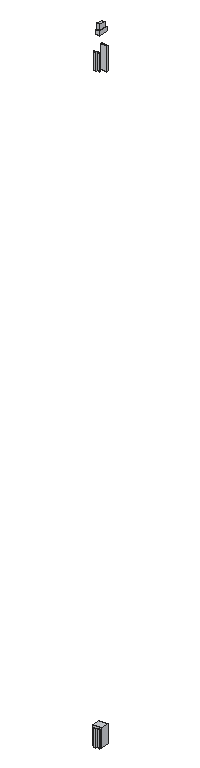
Revit family "Лифт_Пассажирский_МетеорЛифт_NeoClassic_LOD100", category Оборудование, Revit 2020 (continued)
Dimensions and locks
  aligned and locked: plane 1 "Передняя стена шахты" to nested 28
  aligned and locked: plane 43 "24 остановка" to nested 28
  aligned and locked: plane 1 "Передняя стена шахты" to nested 29
  aligned and locked: plane 44 "25 остановка" to nested 29
  aligned and locked: plane 1 "Передняя стена шахты" to nested 30
  aligned and locked: plane 45 "26 остановка" to nested 30
  aligned and locked: plane 1 "Передняя стена шахты" to nested 31
  aligned and locked: plane 46 "27 остановка" to nested 31
  aligned and locked: plane 1 "Передняя стена шахты" to nested 32
  aligned and locked: plane 47 "28 остановка" to nested 32
  aligned and locked: plane 1 "Передняя стена шахты" to nested 33
  aligned and locked: plane 48 "29 остановка" to nested 33
  aligned and locked: plane 6 "Ось дверного проема" to nested 17
  aligned and locked: plane 1 "Передняя стена шахты" to nested 19
  aligned and locked: plane 35 "16 остановка" to nested 19
  aligned and locked: plane 6 "Ось дверного проема" to nested 19
  aligned and locked: plane 6 "Ось дверного проема" to nested 23
  aligned and locked: plane 6 "Ось дверного проема" to nested 24
  aligned and locked: plane 6 "Ось дверного проема" to nested 25
  aligned and locked: plane 6 "Ось дверного проема" to nested 27
  aligned and locked: plane 6 "Ось дверного проема" to nested 28
  aligned and locked: plane 6 "Ось дверного проема" to nested 29
  aligned and locked: plane 6 "Ось дверного проема" to nested 30
  aligned and locked: plane 6 "Ось дверного проема" to nested 31
  aligned and locked: plane 6 "Ось дверного проема" to nested 32
  aligned and locked: plane 6 "Ось дверного проема" to nested 33
  aligned and locked: nested 34 to plane 38 "19 остановка"
  aligned and locked: nested 35 to plane 39 "20 остановка"
  aligned and locked: nested 36 to plane 41 "22 остановка"
  aligned and locked: nested 37 to plane 42 "23 остановка"
  aligned and locked: nested 38 to plane 43 "24 остановка"
  aligned and locked: nested 39 to plane 44 "25 остановка"
  aligned and locked: nested 40 to plane 45 "26 остановка"
  aligned and locked: nested 41 to plane 46 "27 остановка"
  aligned and locked: nested 42 to plane 47 "28 остановка"
  aligned and locked: nested 43 to plane 48 "29 остановка"
  aligned and locked: nested 35 to plane 6 "Ось дверного проема"
  aligned and locked: nested 34 to plane 6 "Ось дверного проема"
  aligned and locked: nested 36 to plane 6 "Ось дверного проема"
  aligned and locked: nested 37 to plane 6 "Ось дверного проема"
  aligned and locked: nested 38 to plane 6 "Ось дверного проема"
  aligned and locked: nested 39 to plane 6 "Ось дверного проема"
  aligned and locked: nested 40 to plane 6 "Ось дверного проема"
  aligned and locked: nested 41 to plane 6 "Ось дверного проема"
  aligned and locked: nested 42 to plane 6 "Ось дверного проема"
  aligned and locked: nested 43 to plane 6 "Ось дверного проема"
  aligned and locked: nested 44 to plane 40 "21 остановка"
  aligned and locked: plane 5 "Задняя стена шахты" to nested 44
  aligned and locked: nested 45 to plane 49
  aligned and locked: nested 45 to plane 6 "Ось дверного проема"
  aligned and locked: nested 61 to plane 2 "Нижняя остановка"
  aligned and locked: nested 59 to plane 17 "3 остановка"
  aligned and locked: nested 58 to plane 18 "4 остановка"
  aligned and locked: nested 57 to plane 19 "5 остановка"
  aligned and locked: nested 56 to plane 20 "6 остановка"
  aligned and locked: nested 55 to plane 26 "7 остановка"
  aligned and locked: nested 54 to plane 27 "8 остановка"
  aligned and locked: nested 53 to plane 28 "9 остановка"
  aligned and locked: nested 52 to plane 29 "10 остановка"
  aligned and locked: nested 51 to plane 30 "11 остановка"
  aligned and locked: nested 50 to plane 31 "12 остановка"
  aligned and locked: nested 49 to plane 32 "13 остановка"
  aligned and locked: nested 48 to plane 33 "14 остановка"
  aligned and locked: nested 47 to plane 34 "15 остановка"
  aligned and locked: nested 46 to plane 35 "16 остановка"
  aligned and locked: nested 44 to plane 6 "Ось дверного проема"
  aligned and locked: nested 46 to plane 6 "Ось дверного проема"
  aligned and locked: nested 47 to plane 6 "Ось дверного проема"
  aligned and locked: nested 48 to plane 6 "Ось дверного проема"
  aligned and locked: nested 49 to plane 6 "Ось дверного проема"
  aligned and locked: nested 50 to plane 6 "Ось дверного проема"
  aligned and locked: nested 51 to plane 6 "Ось дверного проема"
  aligned and locked: nested 52 to plane 6 "Ось дверного проема"
  aligned and locked: nested 53 to plane 6 "Ось дверного проема"
  aligned and locked: nested 54 to plane 6 "Ось дверного проема"
  aligned and locked: nested 55 to plane 6 "Ось дверного проема"
  aligned and locked: nested 56 to plane 6 "Ось дверного проема"
  aligned and locked: nested 57 to plane 6 "Ось дверного проема"
  aligned and locked: nested 58 to plane 6 "Ось дверного проема"
  aligned and locked: nested 59 to plane 6 "Ось дверного проема"
  aligned and locked: nested 60 to plane 6 "Ось дверного проема"
  aligned and locked: nested 61 to plane 6 "Ось дверного проема"
  aligned and locked: nested 60 to plane 16 "2 остановка"
  aligned and locked: plane 5 "Задняя стена шахты" to nested 46
  aligned and locked: plane 49 to nested 3
  aligned and locked: plane 6 "Ось дверного проема" to nested 3
  aligned and locked: plane 2 "Нижняя остановка" to nested 62
  aligned and locked: nested 62 to plane 9 "Ось кабины"
  aligned and locked: plane 12 "Ось направляющих кабины" to nested 62
  aligned and locked: Extrusion 2 sketch curve to plane 4 "Правая стена шахты"
  aligned and locked: Extrusion 2 sketch curve to plane 1 "Передняя стена шахты"
  aligned and locked: plane 3 "Левая стена шахты" to Extrusion 2 sketch curve
  aligned and locked: plane 5 "Задняя стена шахты" to Extrusion 2 sketch curve
  aligned and locked: plane 54 "Уровень потолка машинного помещения" to Extrusion 2
  aligned and locked: Extrusion 2 to plane 53 "Уровень пола машинного помещения"
  aligned and locked: plane 6 "Ось дверного проема" to nested 26
  aligned and locked: nested 1 to plane 52 "Ось противовеса X"
  aligned and locked: plane 53 "Уровень пола машинного помещения" to nested 63
  aligned and locked: plane 9 "Ось кабины" to nested 63
  aligned and locked: plane 52 "Ось противовеса X" to nested 63
  aligned and locked: nested 65 to plane 53 "Уровень пола машинного помещения"
  aligned and locked: plane 9 "Ось кабины" to nested 65
  aligned and locked: nested 65 to plane 52 "Ось противовеса X"
  aligned and locked: plane 53 "Уровень пола машинного помещения" to nested 64
  aligned and locked: nested 64 to plane 68 "Y_740"
  aligned and locked: nested 64 to plane 70 "X_360"
  aligned and locked: plane 53 "Уровень пола машинного помещения" to nested 66
  aligned and locked: plane 52 "Ось противовеса X" to nested 66
  aligned and locked: plane 9 "Ось кабины" to nested 66
  aligned and locked: plane 5 "Задняя стена шахты" to nested 45
  aligned and locked: plane 5 "Задняя стена шахты" to nested 43
  aligned and locked: plane 5 "Задняя стена шахты" to nested 42
  aligned and locked: plane 5 "Задняя стена шахты" to nested 41
  aligned and locked: plane 5 "Задняя стена шахты" to nested 40
  aligned and locked: plane 5 "Задняя стена шахты" to nested 39
  aligned and locked: plane 5 "Задняя стена шахты" to nested 38
  aligned and locked: plane 5 "Задняя стена шахты" to nested 37
  aligned and locked: plane 5 "Задняя стена шахты" to nested 36
  aligned and locked: plane 5 "Задняя стена шахты" to nested 35
  aligned and locked: plane 5 "Задняя стена шахты" to nested 34
  aligned and locked: plane 5 "Задняя стена шахты" to nested 22
  aligned and locked: plane 5 "Задняя стена шахты" to nested 20
  aligned and locked: plane 5 "Задняя стена шахты" to nested 47
  aligned and locked: plane 5 "Задняя стена шахты" to nested 48
  aligned and locked: plane 5 "Задняя стена шахты" to nested 49
  aligned and locked: plane 5 "Задняя стена шахты" to nested 50
  aligned and locked: plane 5 "Задняя стена шахты" to nested 51
  aligned and locked: plane 5 "Задняя стена шахты" to nested 52
  aligned and locked: plane 5 "Задняя стена шахты" to nested 53
  aligned and locked: plane 5 "Задняя стена шахты" to nested 54
  aligned and locked: plane 5 "Задняя стена шахты" to nested 55
  aligned and locked: plane 5 "Задняя стена шахты" to nested 56
  aligned and locked: plane 5 "Задняя стена шахты" to nested 57
  aligned and locked: plane 5 "Задняя стена шахты" to nested 58
  aligned and locked: plane 5 "Задняя стена шахты" to nested 59
  aligned and locked: plane 5 "Задняя стена шахты" to nested 60
  aligned and locked: plane 5 "Задняя стена шахты" to nested 61
  aligned and locked: plane 53 "Уровень пола машинного помещения" to nested 67
  aligned and locked: plane 53 "Уровень пола машинного помещения" to nested 68
  aligned and locked: plane 53 "Уровень пола машинного помещения" to nested 69
  aligned and locked: nested 67 to plane 69 "Y_750"
  aligned and locked: nested 67 to plane 71 "X_195"
  aligned and locked: nested 69 to plane 68 "Y_740"
  aligned and locked: nested 69 to plane 73 "X_335"
  aligned and locked: nested 68 to plane 72 "X_245"
  aligned and locked: nested 68 to plane 68 "Y_740"
  aligned and locked: nested 70 to plane 52 "Ось противовеса X"
  aligned and locked: plane 14 "Ось противовеса Y" to nested 70
  aligned and locked: nested 1 to plane 15
  aligned and locked: nested 70 to plane 15
Automatic sketch dimensions
  plane 1 "Передняя стена шахты" to curve 4 = 0 mm
  curve 4 to plane 4 "Правая стена шахты" = 0 mm
  plane 5 "Задняя стена шахты" to curve 4 = 0 mm
  curve 3 to plane 3 "Левая стена шахты" = 0 mm
Nested families
  nested 1: "МетеорЛифт_Противовес_МетеорЛифт" at (1571, 1387, 75000) x (0, 1, 0) z (0, 0, 1), Штихмасс противовеса <- "CWT_DBG", visible <- "CWTLOC_13", type "МетеорЛифт_Противовес_МетеорЛифтМетеорЛифт"
    with Штихмасс противовеса 780 mm
  nested 2: "МетеорЛифт_ДверьШахты_Телескопическая_МетеорЛифт_Prima-S" at (1671, 0, 0), Ширина дверного проема <- "Ширина дверного проема", Толщина стены шахты <- "Толщина передней стены шахты", type <- "Дверь_ПереднийВход_НижняяОстановка", Направление открывания дверей <- "Направление открывания дверей", tol <- "tol_front", Высота дверного проема <- "Высота дверного проема", type "МетеорЛифт_ДверьШахты_Телескопическая_МетеорЛифт_Prima-S"
    with Ширина дверного проема 700 mm, Толщина стены шахты 200 mm, Направление открывания дверей no, Высота дверного проема 2000 mm, tol 15 mm
  nested 3: "МетеорЛифт_ДверьШахты_Телескопическая_МетеорЛифт_Prima-S" at (1671, 0, 75000), Ширина дверного проема <- "Ширина дверного проема", Толщина стены шахты <- "Толщина передней стены шахты", type <- "Дверь_ПереднийВход_ВерхняяОстановка", Направление открывания дверей <- "Направление открывания дверей", tol <- "tol_front", Высота дверного проема <- "Высота дверного проема", type "МетеорЛифт_ДверьШахты_Телескопическая_МетеорЛифт_Prima-S"
    with Ширина дверного проема 700 mm, Толщина стены шахты 200 mm, Направление открывания дверей no, Высота дверного проема 2000 mm, tol 15 mm
  nested 4: "МетеорЛифт_ДверьШахты_Отсутствует" at (1671, 0, 2452), Ширина дверного проема <- "Ширина дверного проема", Толщина стены шахты <- "Толщина передней стены шахты", type <- "Дверь_ПереднийВход_2Остановка", Направление открывания дверей <- "Направление открывания дверей", Высота дверного проема <- "Высота дверного проема", tol <- "tol_front", type "МетеорЛифт_ДверьШахты_Отсутствует"
    with Ширина дверного проема 700 mm, Толщина стены шахты 200 mm, Направление открывания дверей no, Высота дверного проема 2000 mm, tol 15 mm
  nested 5: "МетеорЛифт_ДверьШахты_Отсутствует" at (1671, 0, 4902), Ширина дверного проема <- "Ширина дверного проема", Толщина стены шахты <- "Толщина передней стены шахты", type <- "Дверь_ПереднийВход_3Остановка", Направление открывания дверей <- "Направление открывания дверей", Высота дверного проема <- "Высота дверного проема", tol <- "tol_front", type "МетеорЛифт_ДверьШахты_Отсутствует"
    with Ширина дверного проема 700 mm, Толщина стены шахты 200 mm, Направление открывания дверей no, Высота дверного проема 2000 mm, tol 15 mm
  nested 6: "МетеорЛифт_ДверьШахты_Отсутствует" at (1671, 0, 7352), Ширина дверного проема <- "Ширина дверного проема", Толщина стены шахты <- "Толщина передней стены шахты", type <- "Дверь_ПереднийВход_4Остановка", Направление открывания дверей <- "Направление открывания дверей", Высота дверного проема <- "Высота дверного проема", tol <- "tol_front", type "МетеорЛифт_ДверьШахты_Отсутствует"
    with Ширина дверного проема 700 mm, Толщина стены шахты 200 mm, Направление открывания дверей no, Высота дверного проема 2000 mm, tol 15 mm
  nested 7: "МетеорЛифт_ДверьШахты_Отсутствует" at (1671, 0, 9802), Ширина дверного проема <- "Ширина дверного проема", Толщина стены шахты <- "Толщина передней стены шахты", type <- "Дверь_ПереднийВход_5Остановка", Направление открывания дверей <- "Направление открывания дверей", Высота дверного проема <- "Высота дверного проема", tol <- "tol_front", type "МетеорЛифт_ДверьШахты_Отсутствует"
    with Ширина дверного проема 700 mm, Толщина стены шахты 200 mm, Направление открывания дверей no, Высота дверного проема 2000 mm, tol 15 mm
  nested 8: "МетеорЛифт_ДверьШахты_Отсутствует" at (1671, 0, 12252), Ширина дверного проема <- "Ширина дверного проема", Толщина стены шахты <- "Толщина передней стены шахты", type <- "Дверь_ПереднийВход_6Остановка", Направление открывания дверей <- "Направление открывания дверей", Высота дверного проема <- "Высота дверного проема", tol <- "tol_front", type "МетеорЛифт_ДверьШахты_Отсутствует"
    with Ширина дверного проема 700 mm, Толщина стены шахты 200 mm, Направление открывания дверей no, Высота дверного проема 2000 mm, tol 15 mm
  nested 9: "МетеорЛифт_ДверьШахты_Отсутствует" at (1671, 0, 39202), Ширина дверного проема <- "Ширина дверного проема", Толщина стены шахты <- "Толщина передней стены шахты", type <- "Дверь_ПереднийВход_17Остановка", Направление открывания дверей <- "Направление открывания дверей", Высота дверного проема <- "Высота дверного проема", tol <- "tol_front", type "МетеорЛифт_ДверьШахты_Отсутствует"
    with Ширина дверного проема 700 mm, Толщина стены шахты 200 mm, Направление открывания дверей no, Высота дверного проема 2000 mm, tol 15 mm
  nested 10: "МетеорЛифт_ДверьШахты_Отсутствует" at (1671, 0, 14702), Ширина дверного проема <- "Ширина дверного проема", Толщина стены шахты <- "Толщина передней стены шахты", type <- "Дверь_ПереднийВход_7Остановка", Направление открывания дверей <- "Направление открывания дверей", Высота дверного проема <- "Высота дверного проема", tol <- "tol_front", type "МетеорЛифт_ДверьШахты_Отсутствует"
    with Ширина дверного проема 700 mm, Толщина стены шахты 200 mm, Направление открывания дверей no, Высота дверного проема 2000 mm, tol 15 mm
  nested 11: "МетеорЛифт_ДверьШахты_Отсутствует" at (1671, 0, 17152), Ширина дверного проема <- "Ширина дверного проема", Толщина стены шахты <- "Толщина передней стены шахты", type <- "Дверь_ПереднийВход_8Остановка", Направление открывания дверей <- "Направление открывания дверей", Высота дверного проема <- "Высота дверного проема", tol <- "tol_front", type "МетеорЛифт_ДверьШахты_Отсутствует"
    with Ширина дверного проема 700 mm, Толщина стены шахты 200 mm, Направление открывания дверей no, Высота дверного проема 2000 mm, tol 15 mm
  nested 12: "МетеорЛифт_ДверьШахты_Отсутствует" at (1671, 0, 19602), Ширина дверного проема <- "Ширина дверного проема", Толщина стены шахты <- "Толщина передней стены шахты", type <- "Дверь_ПереднийВход_9Остановка", Направление открывания дверей <- "Направление открывания дверей", Высота дверного проема <- "Высота дверного проема", tol <- "tol_front", type "МетеорЛифт_ДверьШахты_Отсутствует"
    with Ширина дверного проема 700 mm, Толщина стены шахты 200 mm, Направление открывания дверей no, Высота дверного проема 2000 mm, tol 15 mm
  nested 13: "МетеорЛифт_ДверьШахты_Отсутствует" at (1671, 0, 22052), Ширина дверного проема <- "Ширина дверного проема", Толщина стены шахты <- "Толщина передней стены шахты", type <- "Дверь_ПереднийВход_10Остановка", Направление открывания дверей <- "Направление открывания дверей", Высота дверного проема <- "Высота дверного проема", tol <- "tol_front", type "МетеорЛифт_ДверьШахты_Отсутствует"
    with Ширина дверного проема 700 mm, Толщина стены шахты 200 mm, Направление открывания дверей no, Высота дверного проема 2000 mm, tol 15 mm
  nested 14: "МетеорЛифт_ДверьШахты_Отсутствует" at (1671, 0, 24502), Ширина дверного проема <- "Ширина дверного проема", Толщина стены шахты <- "Толщина передней стены шахты", type <- "Дверь_ПереднийВход_11Остановка", Направление открывания дверей <- "Направление открывания дверей", Высота дверного проема <- "Высота дверного проема", tol <- "tol_front", type "МетеорЛифт_ДверьШахты_Отсутствует"
    with Ширина дверного проема 700 mm, Толщина стены шахты 200 mm, Направление открывания дверей no, Высота дверного проема 2000 mm, tol 15 mm
  nested 15: "МетеорЛифт_ДверьШахты_Отсутствует" at (1671, 0, 26952), Ширина дверного проема <- "Ширина дверного проема", Толщина стены шахты <- "Толщина передней стены шахты", type <- "Дверь_ПереднийВход_12Остановка", Направление открывания дверей <- "Направление открывания дверей", Высота дверного проема <- "Высота дверного проема", tol <- "tol_front", type "МетеорЛифт_ДверьШахты_Отсутствует"
    with Ширина дверного проема 700 mm, Толщина стены шахты 200 mm, Направление открывания дверей no, Высота дверного проема 2000 mm, tol 15 mm
  nested 16: "МетеорЛифт_ДверьШахты_Отсутствует" at (1671, 0, 29402), Ширина дверного проема <- "Ширина дверного проема", Толщина стены шахты <- "Толщина передней стены шахты", type <- "Дверь_ПереднийВход_13Остановка", Направление открывания дверей <- "Направление открывания дверей", Высота дверного проема <- "Высота дверного проема", tol <- "tol_front", type "МетеорЛифт_ДверьШахты_Отсутствует"
    with Ширина дверного проема 700 mm, Толщина стены шахты 200 mm, Направление открывания дверей no, Высота дверного проема 2000 mm, tol 15 mm
  nested 17: "МетеорЛифт_ДверьШахты_Отсутствует" at (1671, 0, 31852), Ширина дверного проема <- "Ширина дверного проема", Толщина стены шахты <- "Толщина передней стены шахты", type <- "Дверь_ПереднийВход_14Остановка", Направление открывания дверей <- "Направление открывания дверей", Высота дверного проема <- "Высота дверного проема", tol <- "tol_front", type "МетеорЛифт_ДверьШахты_Отсутствует"
    with Ширина дверного проема 700 mm, Толщина стены шахты 200 mm, Направление открывания дверей no, Высота дверного проема 2000 mm, tol 15 mm
  nested 18: "МетеорЛифт_ДверьШахты_Отсутствует" at (1671, 0, 34302), Ширина дверного проема <- "Ширина дверного проема", Толщина стены шахты <- "Толщина передней стены шахты", type <- "Дверь_ПереднийВход_15Остановка", Направление открывания дверей <- "Направление открывания дверей", Высота дверного проема <- "Высота дверного проема", tol <- "tol_front", type "МетеорЛифт_ДверьШахты_Отсутствует"
    with Ширина дверного проема 700 mm, Толщина стены шахты 200 mm, Направление открывания дверей no, Высота дверного проема 2000 mm, tol 15 mm
  nested 19: "МетеорЛифт_ДверьШахты_Отсутствует" at (1671, 0, 36752), Ширина дверного проема <- "Ширина дверного проема", Толщина стены шахты <- "Толщина передней стены шахты", type <- "Дверь_ПереднийВход_16Остановка", Направление открывания дверей <- "Направление открывания дверей", Высота дверного проема <- "Высота дверного проема", tol <- "tol_front", type "МетеорЛифт_ДверьШахты_Отсутствует"
    with Ширина дверного проема 700 mm, Толщина стены шахты 200 mm, Направление открывания дверей no, Высота дверного проема 2000 mm, tol 15 mm
  nested 20: "МетеорЛифт_ДверьШахты_Отсутствует" at (1671, 1550, 39202), Ширина дверного проема <- "Ширина дверного проема", Толщина стены шахты <- "Толщина задней стены шахты", type <- "Дверь_ЗаднийВход_17Остановка", Направление открывания дверей <- "Направление открывания дверей", Высота дверного проема <- "Высота дверного проема", tol <- "tol_rear", type "МетеорЛифт_ДверьШахты_Отсутствует"
    with Ширина дверного проема 700 mm, Толщина стены шахты 200 mm, Направление открывания дверей no, Высота дверного проема 2000 mm, tol 15 mm
  nested 21: "МетеорЛифт_ДверьШахты_Отсутствует" at (1671, 0, 41652), Ширина дверного проема <- "Ширина дверного проема", Толщина стены шахты <- "Толщина передней стены шахты", type <- "Дверь_ПереднийВход_18Остановка", Направление открывания дверей <- "Направление открывания дверей", Высота дверного проема <- "Высота дверного проема", tol <- "tol_front", type "МетеорЛифт_ДверьШахты_Отсутствует"
    with Ширина дверного проема 700 mm, Толщина стены шахты 200 mm, Направление открывания дверей no, Высота дверного проема 2000 mm, tol 15 mm
  nested 22: "МетеорЛифт_ДверьШахты_Отсутствует" at (1671, 1550, 41652), Ширина дверного проема <- "Ширина дверного проема", Толщина стены шахты <- "Толщина задней стены шахты", type <- "Дверь_ЗаднийВход_18Остановка", Направление открывания дверей <- "Направление открывания дверей", Высота дверного проема <- "Высота дверного проема", tol <- "tol_rear", type "МетеорЛифт_ДверьШахты_Отсутствует"
    with Ширина дверного проема 700 mm, Толщина стены шахты 200 mm, Направление открывания дверей no, Высота дверного проема 2000 mm, tol 15 mm
  nested 23: "МетеорЛифт_ДверьШахты_Отсутствует" at (1671, 0, 44102), Ширина дверного проема <- "Ширина дверного проема", Толщина стены шахты <- "Толщина передней стены шахты", type <- "Дверь_ПереднийВход_19Остановка", Направление открывания дверей <- "Направление открывания дверей", Высота дверного проема <- "Высота дверного проема", tol <- "tol_front", type "МетеорЛифт_ДверьШахты_Отсутствует"
    with Ширина дверного проема 700 mm, Толщина стены шахты 200 mm, Направление открывания дверей no, Высота дверного проема 2000 mm, tol 15 mm
  nested 24: "МетеорЛифт_ДверьШахты_Отсутствует" at (1671, 0, 46552), Ширина дверного проема <- "Ширина дверного проема", Толщина стены шахты <- "Толщина передней стены шахты", type <- "Дверь_ПереднийВход_20Остановка", Направление открывания дверей <- "Направление открывания дверей", Высота дверного проема <- "Высота дверного проема", tol <- "tol_front", type "МетеорЛифт_ДверьШахты_Отсутствует"
    with Ширина дверного проема 700 mm, Толщина стены шахты 200 mm, Направление открывания дверей no, Высота дверного проема 2000 mm, tol 15 mm
  nested 25: "МетеорЛифт_ДверьШахты_Отсутствует" at (1671, 0, 49002), Ширина дверного проема <- "Ширина дверного проема", Толщина стены шахты <- "Толщина передней стены шахты", type <- "Дверь_ПереднийВход_21Остановка", Направление открывания дверей <- "Направление открывания дверей", Высота дверного проема <- "Высота дверного проема", tol <- "tol_front", type "МетеорЛифт_ДверьШахты_Отсутствует"
    with Ширина дверного проема 700 mm, Толщина стены шахты 200 mm, Направление открывания дверей no, Высота дверного проема 2000 mm, tol 15 mm
  nested 26: "МетеорЛифт_ДверьШахты_Отсутствует" at (1671, 0, 51452), Ширина дверного проема <- "Ширина дверного проема", Толщина стены шахты <- "Толщина передней стены шахты", type <- "Дверь_ПереднийВход_22Остановка", Направление открывания дверей <- "Направление открывания дверей", Высота дверного проема <- "Высота дверного проема", tol <- "tol_front", type "МетеорЛифт_ДверьШахты_Отсутствует"
    with Ширина дверного проема 700 mm, Толщина стены шахты 200 mm, Направление открывания дверей no, Высота дверного проема 2000 mm, tol 15 mm
  nested 27: "МетеорЛифт_ДверьШахты_Отсутствует" at (1671, 0, 53902), Ширина дверного проема <- "Ширина дверного проема", Толщина стены шахты <- "Толщина передней стены шахты", type <- "Дверь_ПереднийВход_23Остановка", Направление открывания дверей <- "Направление открывания дверей", Высота дверного проема <- "Высота дверного проема", tol <- "tol_front", type "МетеорЛифт_ДверьШахты_Отсутствует"
    with Ширина дверного проема 700 mm, Толщина стены шахты 200 mm, Направление открывания дверей no, Высота дверного проема 2000 mm, tol 15 mm
  nested 28: "МетеорЛифт_ДверьШахты_Отсутствует" at (1671, 0, 56352), Ширина дверного проема <- "Ширина дверного проема", Толщина стены шахты <- "Толщина передней стены шахты", type <- "Дверь_ПереднийВход_24Остановка", Направление открывания дверей <- "Направление открывания дверей", Высота дверного проема <- "Высота дверного проема", tol <- "tol_front", type "МетеорЛифт_ДверьШахты_Отсутствует"
    with Ширина дверного проема 700 mm, Толщина стены шахты 200 mm, Направление открывания дверей no, Высота дверного проема 2000 mm, tol 15 mm
  nested 29: "МетеорЛифт_ДверьШахты_Отсутствует" at (1671, 0, 58802), Ширина дверного проема <- "Ширина дверного проема", Толщина стены шахты <- "Толщина передней стены шахты", type <- "Дверь_ПереднийВход_25Остановка", Направление открывания дверей <- "Направление открывания дверей", Высота дверного проема <- "Высота дверного проема", tol <- "tol_front", type "МетеорЛифт_ДверьШахты_Отсутствует"
    with Ширина дверного проема 700 mm, Толщина стены шахты 200 mm, Направление открывания дверей no, Высота дверного проема 2000 mm, tol 15 mm
  nested 30: "МетеорЛифт_ДверьШахты_Отсутствует" at (1671, 0, 61252), Ширина дверного проема <- "Ширина дверного проема", Толщина стены шахты <- "Толщина передней стены шахты", type <- "Дверь_ПереднийВход_26Остановка", Направление открывания дверей <- "Направление открывания дверей", Высота дверного проема <- "Высота дверного проема", tol <- "tol_front", type "МетеорЛифт_ДверьШахты_Отсутствует"
    with Ширина дверного проема 700 mm, Толщина стены шахты 200 mm, Направление открывания дверей no, Высота дверного проема 2000 mm, tol 15 mm
  nested 31: "МетеорЛифт_ДверьШахты_Отсутствует" at (1671, 0, 63702), Ширина дверного проема <- "Ширина дверного проема", Толщина стены шахты <- "Толщина передней стены шахты", type <- "Дверь_ПереднийВход_27Остановка", Направление открывания дверей <- "Направление открывания дверей", Высота дверного проема <- "Высота дверного проема", tol <- "tol_front", type "МетеорЛифт_ДверьШахты_Отсутствует"
    with Ширина дверного проема 700 mm, Толщина стены шахты 200 mm, Направление открывания дверей no, Высота дверного проема 2000 mm, tol 15 mm
  nested 32: "МетеорЛифт_ДверьШахты_Отсутствует" at (1671, 0, 66152), Ширина дверного проема <- "Ширина дверного проема", Толщина стены шахты <- "Толщина передней стены шахты", type <- "Дверь_ПереднийВход_28Остановка", Направление открывания дверей <- "Направление открывания дверей", Высота дверного проема <- "Высота дверного проема", tol <- "tol_front", type "МетеорЛифт_ДверьШахты_Отсутствует"
    with Ширина дверного проема 700 mm, Толщина стены шахты 200 mm, Направление открывания дверей no, Высота дверного проема 2000 mm, tol 15 mm
  nested 33: "МетеорЛифт_ДверьШахты_Отсутствует" at (1671, 0, 68602), Ширина дверного проема <- "Ширина дверного проема", Толщина стены шахты <- "Толщина передней стены шахты", type <- "Дверь_ПереднийВход_29Остановка", Направление открывания дверей <- "Направление открывания дверей", Высота дверного проема <- "Высота дверного проема", tol <- "tol_front", type "МетеорЛифт_ДверьШахты_Отсутствует"
    with Ширина дверного проема 700 mm, Толщина стены шахты 200 mm, Направление открывания дверей no, Высота дверного проема 2000 mm, tol 15 mm
  nested 34: "МетеорЛифт_ДверьШахты_Отсутствует" at (1671, 1550, 44102), Ширина дверного проема <- "Ширина дверного проема", Толщина стены шахты <- "Толщина задней стены шахты", type <- "Дверь_ЗаднийВход_19Остановка", Направление открывания дверей <- "Направление открывания дверей", Высота дверного проема <- "Высота дверного проема", tol <- "tol_rear", type "МетеорЛифт_ДверьШахты_Отсутствует"
    with Ширина дверного проема 700 mm, Толщина стены шахты 200 mm, Направление открывания дверей no, Высота дверного проема 2000 mm, tol 15 mm
  nested 35: "МетеорЛифт_ДверьШахты_Отсутствует" at (1671, 1550, 46552), Ширина дверного проема <- "Ширина дверного проема", Толщина стены шахты <- "Толщина задней стены шахты", type <- "Дверь_ЗаднийВход_20Остановка", Направление открывания дверей <- "Направление открывания дверей", Высота дверного проема <- "Высота дверного проема", tol <- "tol_rear", type "МетеорЛифт_ДверьШахты_Отсутствует"
    with Ширина дверного проема 700 mm, Толщина стены шахты 200 mm, Направление открывания дверей no, Высота дверного проема 2000 mm, tol 15 mm
  nested 36: "МетеорЛифт_ДверьШахты_Отсутствует" at (1671, 1550, 51452), Ширина дверного проема <- "Ширина дверного проема", Толщина стены шахты <- "Толщина задней стены шахты", type <- "Дверь_ЗаднийВход_22Остановка", Направление открывания дверей <- "Направление открывания дверей", Высота дверного проема <- "Высота дверного проема", tol <- "tol_rear", type "МетеорЛифт_ДверьШахты_Отсутствует"
    with Ширина дверного проема 700 mm, Толщина стены шахты 200 mm, Направление открывания дверей no, Высота дверного проема 2000 mm, tol 15 mm
  nested 37: "МетеорЛифт_ДверьШахты_Отсутствует" at (1671, 1550, 53902), Ширина дверного проема <- "Ширина дверного проема", Толщина стены шахты <- "Толщина задней стены шахты", type <- "Дверь_ЗаднийВход_23Остановка", Направление открывания дверей <- "Направление открывания дверей", Высота дверного проема <- "Высота дверного проема", tol <- "tol_rear", type "МетеорЛифт_ДверьШахты_Отсутствует"
    with Ширина дверного проема 700 mm, Толщина стены шахты 200 mm, Направление открывания дверей no, Высота дверного проема 2000 mm, tol 15 mm
  nested 38: "МетеорЛифт_ДверьШахты_Отсутствует" at (1671, 1550, 56352), Ширина дверного проема <- "Ширина дверного проема", Толщина стены шахты <- "Толщина задней стены шахты", type <- "Дверь_ЗаднийВход_24Остановка", Направление открывания дверей <- "Направление открывания дверей", Высота дверного проема <- "Высота дверного проема", tol <- "tol_rear", type "МетеорЛифт_ДверьШахты_Отсутствует"
    with Ширина дверного проема 700 mm, Толщина стены шахты 200 mm, Направление открывания дверей no, Высота дверного проема 2000 mm, tol 15 mm
  nested 39: "МетеорЛифт_ДверьШахты_Отсутствует" at (1671, 1550, 58802), Ширина дверного проема <- "Ширина дверного проема", Толщина стены шахты <- "Толщина задней стены шахты", type <- "Дверь_ЗаднийВход_25Остановка", Направление открывания дверей <- "Направление открывания дверей", Высота дверного проема <- "Высота дверного проема", tol <- "tol_rear", type "МетеорЛифт_ДверьШахты_Отсутствует"
    with Ширина дверного проема 700 mm, Толщина стены шахты 200 mm, Направление открывания дверей no, Высота дверного проема 2000 mm, tol 15 mm
  nested 40: "МетеорЛифт_ДверьШахты_Отсутствует" at (1671, 1550, 61252), Ширина дверного проема <- "Ширина дверного проема", Толщина стены шахты <- "Толщина задней стены шахты", type <- "Дверь_ЗаднийВход_26Остановка", Направление открывания дверей <- "Направление открывания дверей", Высота дверного проема <- "Высота дверного проема", tol <- "tol_rear", type "МетеорЛифт_ДверьШахты_Отсутствует"
    with Ширина дверного проема 700 mm, Толщина стены шахты 200 mm, Направление открывания дверей no, Высота дверного проема 2000 mm, tol 15 mm
  nested 41: "МетеорЛифт_ДверьШахты_Отсутствует" at (1671, 1550, 63702), Ширина дверного проема <- "Ширина дверного проема", Толщина стены шахты <- "Толщина задней стены шахты", type <- "Дверь_ЗаднийВход_27Остановка", Направление открывания дверей <- "Направление открывания дверей", Высота дверного проема <- "Высота дверного проема", tol <- "tol_rear", type "МетеорЛифт_ДверьШахты_Отсутствует"
    with Ширина дверного проема 700 mm, Толщина стены шахты 200 mm, Направление открывания дверей no, Высота дверного проема 2000 mm, tol 15 mm
  nested 42: "МетеорЛифт_ДверьШахты_Отсутствует" at (1671, 1550, 66152), Ширина дверного проема <- "Ширина дверного проема", Толщина стены шахты <- "Толщина задней стены шахты", type <- "Дверь_ЗаднийВход_28Остановка", Направление открывания дверей <- "Направление открывания дверей", Высота дверного проема <- "Высота дверного проема", tol <- "tol_rear", type "МетеорЛифт_ДверьШахты_Отсутствует"
    with Ширина дверного проема 700 mm, Толщина стены шахты 200 mm, Направление открывания дверей no, Высота дверного проема 2000 mm, tol 15 mm
  nested 43: "МетеорЛифт_ДверьШахты_Отсутствует" at (1671, 1550, 68602), Ширина дверного проема <- "Ширина дверного проема", Толщина стены шахты <- "Толщина задней стены шахты", type <- "Дверь_ЗаднийВход_29Остановка", Направление открывания дверей <- "Направление открывания дверей", Высота дверного проема <- "Высота дверного проема", tol <- "tol_rear", type "МетеорЛифт_ДверьШахты_Отсутствует"
    with Ширина дверного проема 700 mm, Толщина стены шахты 200 mm, Направление открывания дверей no, Высота дверного проема 2000 mm, tol 15 mm
  nested 44: "МетеорЛифт_ДверьШахты_Отсутствует" at (1671, 1550, 49002), Ширина дверного проема <- "Ширина дверного проема", Толщина стены шахты <- "Толщина задней стены шахты", type <- "Дверь_ЗаднийВход_21Остановка", Направление открывания дверей <- "Направление открывания дверей", Высота дверного проема <- "Высота дверного проема", tol <- "tol_rear", type "МетеорЛифт_ДверьШахты_Отсутствует"
    with Ширина дверного проема 700 mm, Толщина стены шахты 200 mm, Направление открывания дверей no, Высота дверного проема 2000 mm, tol 15 mm
  nested 45: "МетеорЛифт_ДверьШахты_Отсутствует" at (1671, 1550, 75002), Ширина дверного проема <- "Ширина дверного проема", Толщина стены шахты <- "Толщина задней стены шахты", type <- "Дверь_ЗаднийВход_ВерхняяОстановка", Направление открывания дверей <- "Направление открывания дверей", Высота дверного проема <- "Высота дверного проема", tol <- "tol_rear", type "МетеорЛифт_ДверьШахты_Отсутствует"
    with Ширина дверного проема 700 mm, Толщина стены шахты 200 mm, Направление открывания дверей no, Высота дверного проема 2000 mm, tol 15 mm
  nested 46: "МетеорЛифт_ДверьШахты_Отсутствует" at (1671, 1550, 36752), Ширина дверного проема <- "Ширина дверного проема", Толщина стены шахты <- "Толщина задней стены шахты", type <- "Дверь_ЗаднийВход_16Остановка", Направление открывания дверей <- "Направление открывания дверей", Высота дверного проема <- "Высота дверного проема", tol <- "tol_rear", type "МетеорЛифт_ДверьШахты_Отсутствует"
    with Ширина дверного проема 700 mm, Толщина стены шахты 200 mm, Направление открывания дверей no, Высота дверного проема 2000 mm, tol 15 mm
  nested 47: "МетеорЛифт_ДверьШахты_Отсутствует" at (1671, 1550, 34302), Ширина дверного проема <- "Ширина дверного проема", Толщина стены шахты <- "Толщина задней стены шахты", type <- "Дверь_ЗаднийВход_15Остановка", Направление открывания дверей <- "Направление открывания дверей", Высота дверного проема <- "Высота дверного проема", tol <- "tol_rear", type "МетеорЛифт_ДверьШахты_Отсутствует"
    with Ширина дверного проема 700 mm, Толщина стены шахты 200 mm, Направление открывания дверей no, Высота дверного проема 2000 mm, tol 15 mm
  nested 48: "МетеорЛифт_ДверьШахты_Отсутствует" at (1671, 1550, 31852), Ширина дверного проема <- "Ширина дверного проема", Толщина стены шахты <- "Толщина задней стены шахты", type <- "Дверь_ЗаднийВход_14Остановка", Направление открывания дверей <- "Направление открывания дверей", Высота дверного проема <- "Высота дверного проема", tol <- "tol_rear", type "МетеорЛифт_ДверьШахты_Отсутствует"
    with Ширина дверного проема 700 mm, Толщина стены шахты 200 mm, Направление открывания дверей no, Высота дверного проема 2000 mm, tol 15 mm
  nested 49: "МетеорЛифт_ДверьШахты_Отсутствует" at (1671, 1550, 29402), Ширина дверного проема <- "Ширина дверного проема", Толщина стены шахты <- "Толщина задней стены шахты", type <- "Дверь_ЗаднийВход_13Остановка", Направление открывания дверей <- "Направление открывания дверей", Высота дверного проема <- "Высота дверного проема", tol <- "tol_rear", type "МетеорЛифт_ДверьШахты_Отсутствует"
    with Ширина дверного проема 700 mm, Толщина стены шахты 200 mm, Направление открывания дверей no, Высота дверного проема 2000 mm, tol 15 mm
  nested 50: "МетеорЛифт_ДверьШахты_Отсутствует" at (1671, 1550, 26952), Ширина дверного проема <- "Ширина дверного проема", Толщина стены шахты <- "Толщина задней стены шахты", type <- "Дверь_ЗаднийВход_12Остановка", Направление открывания дверей <- "Направление открывания дверей", Высота дверного проема <- "Высота дверного проема", tol <- "tol_rear", type "МетеорЛифт_ДверьШахты_Отсутствует"
    with Ширина дверного проема 700 mm, Толщина стены шахты 200 mm, Направление открывания дверей no, Высота дверного проема 2000 mm, tol 15 mm
  nested 51: "МетеорЛифт_ДверьШахты_Отсутствует" at (1671, 1550, 24502), Ширина дверного проема <- "Ширина дверного проема", Толщина стены шахты <- "Толщина задней стены шахты", type <- "Дверь_ЗаднийВход_11Остановка", Направление открывания дверей <- "Направление открывания дверей", Высота дверного проема <- "Высота дверного проема", tol <- "tol_rear", type "МетеорЛифт_ДверьШахты_Отсутствует"
    with Ширина дверного проема 700 mm, Толщина стены шахты 200 mm, Направление открывания дверей no, Высота дверного проема 2000 mm, tol 15 mm
  nested 52: "МетеорЛифт_ДверьШахты_Отсутствует" at (1671, 1550, 22052), Ширина дверного проема <- "Ширина дверного проема", Толщина стены шахты <- "Толщина задней стены шахты", type <- "Дверь_ЗаднийВход_10Остановка", Направление открывания дверей <- "Направление открывания дверей", Высота дверного проема <- "Высота дверного проема", tol <- "tol_rear", type "МетеорЛифт_ДверьШахты_Отсутствует"
    with Ширина дверного проема 700 mm, Толщина стены шахты 200 mm, Направление открывания дверей no, Высота дверного проема 2000 mm, tol 15 mm
  nested 53: "МетеорЛифт_ДверьШахты_Отсутствует" at (1671, 1550, 19602), Ширина дверного проема <- "Ширина дверного проема", Толщина стены шахты <- "Толщина задней стены шахты", type <- "Дверь_ЗаднийВход_9Остановка", Направление открывания дверей <- "Направление открывания дверей", Высота дверного проема <- "Высота дверного проема", tol <- "tol_rear", type "МетеорЛифт_ДверьШахты_Отсутствует"
    with Ширина дверного проема 700 mm, Толщина стены шахты 200 mm, Направление открывания дверей no, Высота дверного проема 2000 mm, tol 15 mm
  nested 54: "МетеорЛифт_ДверьШахты_Отсутствует" at (1671, 1550, 17152), Ширина дверного проема <- "Ширина дверного проема", Толщина стены шахты <- "Толщина задней стены шахты", type <- "Дверь_ЗаднийВход_8Остановка", Направление открывания дверей <- "Направление открывания дверей", Высота дверного проема <- "Высота дверного проема", tol <- "tol_rear", type "МетеорЛифт_ДверьШахты_Отсутствует"
    with Ширина дверного проема 700 mm, Толщина стены шахты 200 mm, Направление открывания дверей no, Высота дверного проема 2000 mm, tol 15 mm
  nested 55: "МетеорЛифт_ДверьШахты_Отсутствует" at (1671, 1550, 14702), Ширина дверного проема <- "Ширина дверного проема", Толщина стены шахты <- "Толщина задней стены шахты", type <- "Дверь_ЗаднийВход_7Остановка", Направление открывания дверей <- "Направление открывания дверей", Высота дверного проема <- "Высота дверного проема", tol <- "tol_rear", type "МетеорЛифт_ДверьШахты_Отсутствует"
    with Ширина дверного проема 700 mm, Толщина стены шахты 200 mm, Направление открывания дверей no, Высота дверного проема 2000 mm, tol 15 mm
  nested 56: "МетеорЛифт_ДверьШахты_Отсутствует" at (1671, 1550, 12252), Ширина дверного проема <- "Ширина дверного проема", Толщина стены шахты <- "Толщина задней стены шахты", type <- "Дверь_ЗаднийВход_6Остановка", Направление открывания дверей <- "Направление открывания дверей", Высота дверного проема <- "Высота дверного проема", tol <- "tol_rear", type "МетеорЛифт_ДверьШахты_Отсутствует"
    with Ширина дверного проема 700 mm, Толщина стены шахты 200 mm, Направление открывания дверей no, Высота дверного проема 2000 mm, tol 15 mm
  nested 57: "МетеорЛифт_ДверьШахты_Отсутствует" at (1671, 1550, 9802), Ширина дверного проема <- "Ширина дверного проема", Толщина стены шахты <- "Толщина задней стены шахты", type <- "Дверь_ЗаднийВход_5Остановка", Направление открывания дверей <- "Направление открывания дверей", Высота дверного проема <- "Высота дверного проема", tol <- "tol_rear", type "МетеорЛифт_ДверьШахты_Отсутствует"
    with Ширина дверного проема 700 mm, Толщина стены шахты 200 mm, Направление открывания дверей no, Высота дверного проема 2000 mm, tol 15 mm
  nested 58: "МетеорЛифт_ДверьШахты_Отсутствует" at (1671, 1550, 7352), Ширина дверного проема <- "Ширина дверного проема", Толщина стены шахты <- "Толщина задней стены шахты", type <- "Дверь_ЗаднийВход_4Остановка", Направление открывания дверей <- "Направление открывания дверей", Высота дверного проема <- "Высота дверного проема", tol <- "tol_rear", type "МетеорЛифт_ДверьШахты_Отсутствует"
    with Ширина дверного проема 700 mm, Толщина стены шахты 200 mm, Направление открывания дверей no, Высота дверного проема 2000 mm, tol 15 mm
  nested 59: "МетеорЛифт_ДверьШахты_Отсутствует" at (1671, 1550, 4902), Ширина дверного проема <- "Ширина дверного проема", Толщина стены шахты <- "Толщина задней стены шахты", type <- "Дверь_ЗаднийВход_3Остановка", Направление открывания дверей <- "Направление открывания дверей", Высота дверного проема <- "Высота дверного проема", tol <- "tol_rear", type "МетеорЛифт_ДверьШахты_Отсутствует"
    with Ширина дверного проема 700 mm, Толщина стены шахты 200 mm, Направление открывания дверей no, Высота дверного проема 2000 mm, tol 15 mm
  nested 60: "МетеорЛифт_ДверьШахты_Отсутствует" at (1671, 1550, 2452), Ширина дверного проема <- "Ширина дверного проема", Толщина стены шахты <- "Толщина задней стены шахты", type <- "Дверь_ЗаднийВход_2Остановка", Направление открывания дверей <- "Направление открывания дверей", Высота дверного проема <- "Высота дверного проема", tol <- "tol_rear", type "МетеорЛифт_ДверьШахты_Отсутствует"
    with Ширина дверного проема 700 mm, Толщина стены шахты 200 mm, Направление открывания дверей no, Высота дверного проема 2000 mm, tol 15 mm
  nested 61: "МетеорЛифт_ДверьШахты_Отсутствует" at (1671, 1550, 2), Ширина дверного проема <- "Ширина дверного проема", Толщина стены шахты <- "Толщина задней стены шахты", type <- "Дверь_ЗаднийВход_НижняяОстановка", Направление открывания дверей <- "Направление открывания дверей", Высота дверного проема <- "Высота дверного проема", tol <- "tol_rear", type "МетеорЛифт_ДверьШахты_Отсутствует"
    with Ширина дверного проема 700 mm, Толщина стены шахты 200 mm, Направление открывания дверей no, Высота дверного проема 2000 mm, tol 15 mm
  nested 62: "МетеорЛифт_Кабина_МетеорЛифт_NeoClassic" at (1571, 722, 0), Ширина дверного проема <- "Ширина дверного проема", Высота дверного проема <- "Высота дверного проема", Смещение дверного проема <- "Смещение дверного проема", Лифт для ППП <- "Лифт для ППП", Лифт для МГН <- "Лифт для МГН", Инфографика <- "Инфографика", Код дверей <- "Код дверей", Количество входов в кабину <- "Количество входов в кабину", type "МетеорЛифт_Кабина_МетеорЛифт_NeoClassic"
    with Ширина дверного проема 700 mm, Центрального открывания none, Телескопическая none, Смещение дверного проема 100 mm, Отсутствует none, Лифт для ППП no, Лифт для МГН no, Количество входов в кабину 1, Код дверей 8, Инфографика yes, Задняя стена кабины yes, Задний фасад кабины no, Дверь_ПереднийВход none, Дверь_ЗаднийВход none, Высота кабины 2200 mm, Высота дверного проема 2000 mm, PPP no, MGN no, Ширина кабины 1100 mm, Привязка переднего фасада кабины 440 mm, Глубина кабины 950 mm
  nested 63: "МетеорЛифт_РамаЛебедки_NeoClassic" at (1350.5, 1077, 78750) x (0, -1, 0) z (0, 0, 1), visible <- "CWTLOC_12_775", type "ZAA20239S"
    with Угол поворота лебедки 0.00°, Угол боковой подвески 90.00°, Расстояние до центра подвески 287.5 mm, Ось шкива Z 480 mm, Диаметр шкива 579 mm, Y_CWT 775 mm, X_CWT 200 mm
  nested 64: "МетеорЛифт_РамаЛебедки_NeoClassic" at (1013.302, 1228.104, 78750) x (0.8992, -0.4375, 0) z (0, 0, 1), visible <- "CWTLOC_13_560", type "ZAA20239S"
    with Угол поворота лебедки 25.9423°, Угол боковой подвески 64.0577°, Расстояние до центра подвески 287.5 mm, Ось шкива Z 480 mm, Диаметр шкива 579 mm, Y_CWT 740 mm, X_CWT 560 mm
  nested 65: "МетеорЛифт_РамаЛебедки_NeoClassic" at (1766.5, 927.5, 78750) x (0, -1, 0) z (0, 0, 1), visible <- "CWTLOC_12_665", type "ZAA20239P"
    with Угол поворота лебедки 25.9423°, Угол боковой подвески 64.0577°, Расстояние до центра подвески 332.5 mm, Ось шкива Z 480 mm, Диаметр шкива 624 mm, Y_CWT 740 mm, X_CWT 560 mm
  nested 66: "МетеорЛифт_РамаЛебедки_NeoClassic" at (1350.5, 1077, 78750) x (0, -1, 0) z (0, 0, 1), visible <- "CWTLOC_12_960", type "ZAA20239S"
    with Угол поворота лебедки 0.00°, Угол боковой подвески 90.00°, Расстояние до центра подвески 287.5 mm, Ось шкива Z 480 mm, Диаметр шкива 579 mm, Y_CWT 960 mm, X_CWT 200 mm
  nested 67: "МетеорЛифт_РамаЛебедки_NeoClassic" at (1065.54, 785.589, 78750) x (0.9678, -0.2516, 0) z (0, 0, 1), visible <- "CWTLOC_13_395", type "ZAA20239S"
    with Угол поворота лебедки 14.5742°, Угол боковой подвески 75.4258°, Расстояние до центра подвески 287.5 mm, Ось шкива Z 480 mm, Диаметр шкива 579 mm, Y_CWT 750 mm, X_CWT 395 mm
  nested 68: "МетеорЛифт_РамаЛебедки_NeoClassic" at (1055.986, 820.24, 78750) x (0.9493, -0.3143, 0) z (0, 0, 1), visible <- "CWTLOC_13_445", type "ZAA20239S"
    with Угол поворота лебедки 18.3187°, Угол боковой подвески 71.6813°, Расстояние до центра подвески 287.5 mm, Ось шкива Z 480 mm, Диаметр шкива 579 mm, Y_CWT 740 mm, X_CWT 445 mm
  nested 69: "МетеорЛифт_РамаЛебедки_NeoClassic" at (1022.473, 888.278, 78750) x (0.911, -0.4124, 0) z (0, 0, 1), visible <- "CWTLOC_13_535", type "ZAA20239S"
    with Угол поворота лебедки 24.3564°, Угол боковой подвески 65.6436°, Расстояние до центра подвески 287.5 mm, Ось шкива Z 480 mm, Диаметр шкива 579 mm, Y_CWT 740 mm, X_CWT 535 mm
  nested 70: "МетеорЛифт_Противовес_МетеорЛифт" at (1571, 1387, 75000) x (-1, 0, 0) z (0, 0, 1), Штихмасс противовеса <- "CWT_DBG", visible <- "CWTLOC_12", type "МетеорЛифт_Противовес_МетеорЛифтМетеорЛифт"
    with Штихмасс противовеса 780 mm
Connectors
  electrical at (1571, 775, 78750), driven by "Полная мощность лифта"
    settings: on Extrusion 2, index 1, voltage 380 V, apparent load 4591.84 VA, apparent load phase1 0 VA, apparent load phase2 0 VA, apparent load phase3 0 VA, power factor 0.98, load classification "Прочее", number of poles 3, system type 30, power factor state 1, is connector primary yes, connector utility no, sub classification motor no, connector description "Силовая цепь лифта"
Definition of nested family "МетеорЛифт_Противовес_МетеорЛифт"
  Parameters (values of type "МетеорЛифт_Противовес_МетеорЛифтМетеорЛифт")
    Штихмасс противовеса [instance] = 780 mm
    Default Elevation = 0 mm
  Reference planes
    plane 1 "По центру (Вперед/Назад)": y = 0
    plane 2: z = 0
    plane 3 "По центру (Влево/Вправо)": x = 0
    plane 4: y = 64
    plane 5: y = -64
    plane 6: z = -608
    plane 7: z = 2216
    plane 8: x = 390
    plane 9: x = -390
  Forms (mm)
    Extrusion 1, solid
      sketch origin (0, 0, 0) x (1, 0, 0) y (0, 1, 0)
        loop
          line (-390, 64) -> (-390, -64) -> (390, -64) -> (390, 64) -> (-390, 64)
      from -608 to 2216
  Lines and regions (mm)
    symbolic lines
      curve 1: line (-390, 64, 0) -> (390, 64, 0)
      curve 2: line (-390, -64, 0) -> (-390, 64, 0)
      curve 3: line (390, -64, 0) -> (-390, -64, 0)
      curve 4: line (390, 64, 0) -> (390, -64, 0)
  Dimensions and locks
    locked: plane 5 to plane 4 at 128
    equal spacing: plane 5, plane 1 "По центру (Вперед/Назад)", plane 4, locked at 64 each
    locked: plane 2 to plane 6 at 608
    locked: plane 7 to plane 6 at 2824
    equal spacing: plane 9, plane 3 "По центру (Влево/Вправо)", plane 8
    "Штихмасс противовеса": plane 9 to plane 8
    aligned and locked: level to plane 2
    aligned and locked: plane 4 to Extrusion 1 sketch curve
    aligned and locked: Extrusion 1 sketch curve to plane 5
    aligned and locked: curve 4 to plane 8
    aligned and locked: plane 9 to curve 2
    aligned and locked: plane 4 to curve 1
    aligned and locked: curve 3 to plane 5
    aligned and locked: Extrusion 1 to plane 9
    aligned and locked: Extrusion 1 to plane 8
  Automatic sketch dimensions
    Extrusion 1 sketch curve to plane 9 = 0 mm
    Extrusion 1 sketch curve to plane 8 = 0 mm
Definition of nested family "МетеорЛифт_ДверьШахты_Телескопическая_МетеорЛифт_Prima-S"
  Parameters (values of type "МетеорЛифт_ДверьШахты_Телескопическая_МетеорЛифт_Prima-S")
    Ширина дверного проема [instance] = 1200 mm
    Толщина стены шахты [instance] = 200 mm
    Default Elevation = 0 mm
    Направление открывания дверей [instance] = yes
    Высота дверного проема [instance] = 2000 mm
    tol [instance] = 25 mm
  Reference planes
    plane 1 "По центру (Вперед/Назад)": y = 0
    plane 2 "По центру (Вверх/Вниз)": z = 0
    plane 3 "По центру (Влево/Вправо)": x = 0
    plane 4: x = -600
    plane 5: x = 600
    plane 6: z = 2000
    plane 7: x = -650
    plane 8: x = 650
    plane 9: x = 748.5
    plane 10: y = 25
    plane 11: y = 130
    plane 12: x = -1225
    plane 13: z = 2050
    plane 14: z = -42
    plane 15: y = -200
    plane 16: y = -100
    plane 17: x = -50
    plane 18: x = 50
    plane 19: x = -150
    plane 20: x = 150
    plane 21: x = -250
    plane 22: x = 250
    plane 23: z = 1000
    plane 24: z = 970
    plane 25: z = 940
    plane 26: z = 1030
    plane 27: z = 1060
    plane 28: x = -200
    plane 29: x = 100
    plane 30: x = 200
    plane 31: x = 250
    plane 32: x = -250
    plane 33: z = 1000
    plane 34: y = 70
    plane 35: y = 85
    plane 36: x = -1200
  Forms (mm)
    Extrusion 1, solid, not visible
      sketch origin (0, 0, 0) x (0, 1, 0) y (0, 0, 1)
        loop
          line (130, 0) -> (25, 0) -> (25, -42) -> (130, -42) -> (130, 0)
      from -1225 to 748.5
    Extrusion 2, void
      sketch origin (0, 0, 0) x (1, 0, 0) y (0, 0, 1)
        loop
          line (-650, 2050) -> (-650, 0) -> (650, 0) -> (650, 2050) -> (-650, 2050)
      from -25 to 200
    Extrusion 3, solid
      sketch origin (0, 0, 0) x (1, 0, 0) y (0, 1, 0)
        loop
          line (-600, 70) -> (-600, 25) -> (0, 25) -> (0, 70) -> (-600, 70)
        loop
          line (0, 130) -> (0, 85) -> (600, 85) -> (600, 130) -> (0, 130)
      from 0 to 2000
  Lines and regions (mm)
    symbolic lines
      curve 1: line (-600, 0, 2000) -> (600, 0, 2000)
      curve 2: line (-600, 0, 0) -> (-600, 0, 2000)
      curve 3: line (600, 0, 0) -> (-600, 0, 0)
      curve 4: line (600, 0, 2000) -> (600, 0, 0)
      curve 5: line (0, 0, 2000) -> (0, 0, 0)
      curve 28: line (-600, 70, 0) -> (0, 70, 0)
      curve 29: line (-600, 0, 0) -> (-600, 70, 0)
      curve 30: line (0, 25, 0) -> (-600, 25, 0)
      curve 31: line (0, 70, 0) -> (0, 25, 0)
      curve 32: line (0, 130, 0) -> (600, 130, 0)
      curve 33: line (0, 85, 0) -> (0, 130, 0)
      curve 34: line (600, 85, 0) -> (0, 85, 0)
      curve 35: line (600, 130, 0) -> (600, 0, 0)
      curve 36: line (0, 0, 2050) -> (0, 0, 2000)
      curve 37: line (0, 0, 2000) -> (0, 130, 2000)
      curve 38: line (0, 130, 2000) -> (0, 130, 0)
      curve 39: line (0, 130, 0) -> (0, 0, 0)
      curve 40: line (0, 85, 0) -> (0, 85, 2000)
      curve 41: line (0, 70, 2000) -> (0, 70, 0)
      curve 42: line (0, 25, 0) -> (0, 25, 2000)
      curve 43: line (-650, 0, 0) -> (-600, 0, 0)
      curve 44: line (650, 0, 0) -> (600, 0, 0)
    symbolic lines, visible <- "Направление открывания дверей"
      curve 6: line (-250, -100, 0) -> (-150, -117.633, 0)
      curve 7: line (-250, -100, 0) -> (-150, -82.367, 0)
      curve 8: line (-150, -82.367, 0) -> (-150, -117.633, 0)
      curve 9: line (-150, -100, 0) -> (-50, -100, 0)
      curve 10: line (50, -100, 0) -> (150, -117.633, 0)
      curve 11: line (50, -100, 0) -> (150, -82.367, 0)
      curve 12: line (150, -82.367, 0) -> (150, -117.633, 0)
      curve 13: line (150, -100, 0) -> (250, -100, 0)
      curve 14: line (-50, 0, 970) -> (-50, 0, 1030)
      curve 15: line (-50, 0, 1030) -> (-150, 0, 1030)
      curve 16: line (-150, 0, 1030) -> (-150, 0, 1060)
      curve 17: line (-150, 0, 1060) -> (-200, 0, 1000)
      curve 18: line (-200, 0, 1000) -> (-150, 0, 940)
      curve 19: line (-150, 0, 940) -> (-150, 0, 970)
      curve 20: line (-150, 0, 970) -> (-50, 0, 970)
      curve 21: line (50, 0, 1000) -> (100, 0, 1060)
      curve 22: line (100, 0, 1060) -> (100, 0, 1030)
      curve 23: line (100, 0, 1030) -> (200, 0, 1030)
      curve 24: line (200, 0, 1030) -> (200, 0, 970)
      curve 25: line (200, 0, 970) -> (100, 0, 970)
      curve 26: line (100, 0, 970) -> (100, 0, 940)
      curve 27: line (100, 0, 940) -> (50, 0, 1000)
  Dimensions and locks
    equal spacing: plane 4, plane 3 "По центру (Влево/Вправо)", plane 5
    "Ширина дверного проема": plane 4 to plane 5
    "Высота дверного проема": plane 6 to plane 2 "По центру (Вверх/Вниз)"
    locked: plane 13 to plane 6 at 50
    locked: plane 2 "По центру (Вверх/Вниз)" to plane 14 at 42
    "tol": plane 1 "По центру (Вперед/Назад)" to plane 10
    locked: plane 10 to plane 11 at 105
    locked: plane 5 to plane 9 at 148.5
    "Толщина стены шахты": plane 15 to plane 1 "По центру (Вперед/Назад)"
    locked: plane 16 to plane 1 "По центру (Вперед/Назад)" at 100
    plane 21 to plane 19 to plane 17 to plane 18 to plane 20 to plane 22 = 100 mm locked, 100 mm locked, 100 mm, 100 mm locked, 100 mm locked
    locked: plane 28 to plane 19 at 50
    plane 18 to plane 29 to plane 30 = 50 mm locked, 100 mm locked
    plane 31 to plane 3 "По центру (Влево/Вправо)" = 250 mm
    plane 3 "По центру (Влево/Вправо)" to plane 32 = 250 mm
    locked: plane 23 to plane 2 "По центру (Вверх/Вниз)" at 1000
    equal spacing: plane 6, plane 33, plane 2 "По центру (Вверх/Вниз)"
    plane 27 to plane 23 to plane 25 = 60 mm locked, 60 mm locked
    plane 26 to plane 23 to plane 24 = 30 mm locked, 30 mm locked
    locked: plane 10 to plane 34 at 45
    locked: plane 35 to plane 11 at 45
    locked: plane 7 to plane 4 at 50
    locked: plane 5 to plane 8 at 50
    "Ширина дверного проема": plane 36 to plane 3 "По центру (Влево/Вправо)"
    locked: plane 12 to plane 36 at 25
    angle curve 6 to plane 16 to curve 7 = 10.00°, 10.00°
    angle curve 10 to plane 16 to curve 11 = 10.00°, 10.00°
    aligned and locked: Extrusion 1 sketch curve to plane 11
    aligned and locked: Extrusion 1 sketch curve to plane 14
    aligned and locked: plane 10 to Extrusion 1 sketch curve
    aligned and locked: Extrusion 2 sketch curve to plane 13
    aligned and locked: plane 7 to Extrusion 2 sketch curve
    aligned and locked: plane 2 "По центру (Вверх/Вниз)" to Extrusion 2 sketch curve
    aligned and locked: Extrusion 2 sketch curve to plane 8
    aligned and locked: Extrusion 2 to plane 10
    aligned and locked: plane 2 "По центру (Вверх/Вниз)" to Extrusion 1
    aligned and locked: level to plane 2 "По центру (Вверх/Вниз)"
    aligned and locked: Extrusion 1 to plane 12
    aligned and locked: Extrusion 1 to plane 11
    aligned and locked: plane 10 to Extrusion 1
    aligned and locked: plane 9 to Extrusion 1
    aligned and locked: plane 15 to Extrusion 2
    aligned and locked: curve 1 to plane 6
    aligned and locked: plane 4 to curve 2
    aligned and locked: plane 2 "По центру (Вверх/Вниз)" to curve 3
    aligned and locked: curve 4 to plane 5
    aligned and locked: curve 5 to plane 3 "По центру (Влево/Вправо)"
    aligned and locked: Extrusion 3 sketch curve to plane 10
    aligned and locked: plane 34 to Extrusion 3 sketch curve
    aligned and locked: plane 4 to Extrusion 3 sketch curve
    aligned and locked: Extrusion 3 sketch curve to plane 3 "По центру (Влево/Вправо)"
    aligned and locked: Extrusion 3 sketch curve to plane 35
    aligned and locked: plane 11 to Extrusion 3 sketch curve
    aligned and locked: plane 3 "По центру (Влево/Вправо)" to Extrusion 3 sketch curve
    aligned and locked: Extrusion 3 sketch curve to plane 5
    aligned and locked: Extrusion 3 to plane 2 "По центру (Вверх/Вниз)"
    aligned and locked: plane 6 to Extrusion 3
    aligned and locked: curve 31 to plane 3 "По центру (Влево/Вправо)"
    aligned and locked: plane 3 "По центру (Влево/Вправо)" to curve 33
    aligned and locked: curve 35 to plane 5
    aligned and locked: plane 11 to curve 32
    aligned and locked: curve 34 to plane 35
    aligned and locked: plane 34 to curve 28
    aligned and locked: curve 30 to plane 10
    aligned and locked: plane 6 to curve 42
    aligned and locked: plane 2 "По центру (Вверх/Вниз)" to curve 42
    aligned and locked: curve 39 to plane 2 "По центру (Вверх/Вниз)"
    aligned and locked: plane 10 to curve 42
    aligned and locked: curve 41 to plane 34
    aligned and locked: plane 35 to curve 40
    aligned and locked: curve 38 to plane 11
    aligned and locked: plane 6 to curve 37
    aligned and locked: curve 36 to plane 1 "По центру (Вперед/Назад)"
    aligned and locked: plane 1 "По центру (Вперед/Назад)" to curve 35
    aligned and locked: plane 1 "По центру (Вперед/Назад)" to curve 29
    aligned and locked: curve 44 to plane 1 "По центру (Вперед/Назад)"
    aligned and locked: plane 1 "По центру (Вперед/Назад)" to curve 43
  Automatic sketch dimensions
    level to Extrusion 1 sketch curve = 0 mm
    curve 18 to plane 23 = 0 mm
    plane 28 to curve 18 = 0 mm
    plane 19 to curve 18 = 0 mm
    plane 19 to curve 17 = 0 mm
    plane 17 to curve 14 = 0 mm
    plane 18 to curve 21 = 0 mm
    curve 22 to plane 27 = 0 mm
    plane 29 to curve 22 = 0 mm
    curve 27 to plane 25 = 0 mm
    plane 29 to curve 27 = 0 mm
    curve 24 to plane 24 = 0 mm
    plane 30 to curve 24 = 0 mm
    curve 19 to plane 25 = 0 mm
    curve 19 to plane 24 = 0 mm
    curve 21 to plane 23 = 0 mm
    curve 23 to plane 26 = 0 mm
    curve 15 to plane 26 = 0 mm
    curve 16 to plane 27 = 0 mm
    curve 39 to plane 1 "По центру (Вперед/Назад)" = 0 mm
    curve 36 to plane 13 = 0 mm
    curve 43 to plane 7 = 0 mm
    curve 28 to plane 4 = 0 mm
    plane 16 to curve 6 = 0 mm
    curve 6 to plane 21 = 0 mm
    curve 6 to plane 19 = 0 mm
    plane 16 to curve 9 = 0 mm
    curve 9 to plane 17 = 0 mm
    plane 16 to curve 10 = 0 mm
    curve 10 to plane 18 = 0 mm
    curve 12 to plane 20 = 0 mm
    plane 16 to curve 13 = 0 mm
    curve 13 to plane 22 = 0 mm
    curve 44 to plane 8 = 0 mm
Definition of nested family "МетеорЛифт_Кабина_МетеорЛифт_NeoClassic"
  Parameters (values of type "МетеорЛифт_Кабина_МетеорЛифт_NeoClassic")
    Ширина кабины = 1600 mm
    Ширина дверного проема [instance] = 700 mm
    Центрального открывания [instance] = МетеорЛифт_ДверьКабины_ЦентральногоОткрывания_МетеорЛифт_PAX : МетеорЛифт_ДверьКабины_ЦентральногоОткрывания_МетеорЛифт_PAX
    Телескопическая [instance] = МетеорЛифт_ДверьКабины_Телескопическая_МетеорЛифт_PAX : МетеорЛифт_ДверьКабины_Телескопическая_МетеорЛифт_PAX
    Привязка переднего фасада кабины = 600 mm
    Отсутствует [instance] = МетеорЛифт_ДверьКабины_Отсутствует : МетеорЛифт_ДверьКабины_Отсутствует
    Default Elevation = 0 mm
    Лифт для ППП [instance] = yes
    Лифт для МГН [instance] = yes
    Смещение дверного проема [instance] = 0 mm
    Количество входов в кабину [instance] = 1
    Код дверей [instance] = 8
    Инфографика [instance] = yes
    Задняя стена кабины [instance] = Количество входов в кабину = 1  # yes
    Задний фасад кабины [instance] = Количество входов в кабину = 2  # no
    Дверь_ПереднийВход [instance] = if(Код дверей = 8, Телескопическая, Центрального открывания)  # МетеорЛифт_ДверьКабины_Телескопическая_МетеорЛифт_PAX : МетеорЛифт_ДверьКабины_Телескопическая_МетеорЛифт_PAX
    Дверь_ЗаднийВход [instance] = if(Количество входов в кабину = 2, if(Код дверей = 8, Телескопическая, Центрального открывания), Отсутствует)  # МетеорЛифт_ДверьКабины_Отсутствует : МетеорЛифт_ДверьКабины_Отсутствует
    Глубина кабины = 1400 mm
    Высота кабины [instance] = Высота дверного проема + 200 mm  # 2200 mm
    Высота дверного проема [instance] = 2000 mm
    PPP [instance] = if(and(Лифт для ППП, Инфографика), 2 > 1, 2 < 1)  # yes
    MGN [instance] = if(and(Лифт для МГН, Инфографика), 2 > 1, 2 < 1)  # yes
  Reference planes
    plane 1 "Ось направляющих": y = 0
    plane 2: z = 0
    plane 3 "Ось кабины": x = 0
    plane 4 "Ось проема": x = 0
    plane 5 "Правая стена кабины": x = 800
    plane 6 "Левая стена кабины": x = -800
    plane 7 "Передняя стена кабины": y = -600
    plane 8 "Задняя стена кабины": y = 800
    plane 9: z = 2000
    plane 10 "Низ потолка кабины": z = 2200
    plane 11: x = -350
    plane 12: x = 350
    plane 13: y = -732
    plane 14: y = 932
    plane 15: y = -540
    plane 16: z = 3200
    plane 17: y = 100
  Forms (mm)
    Extrusion 1, solid
      sketch origin (0, 0, 0) x (1, 0, 0) y (0, 1, 0)
        loop
          line (-800, 800) -> (-800, -600) -> (800, -600) -> (800, 800) -> (-800, 800)
      from 0 to 2200
  Lines and regions (mm)
    symbolic lines
      curve 1: line (-800, 800, 0) -> (800, 800, 0)
      curve 2: line (-800, -600, 0) -> (-800, 800, 0)
      curve 3: line (800, -600, 0) -> (-800, -600, 0)
      curve 4: line (800, 800, 0) -> (800, -600, 0)
      curve 5: line (800, 800, 0) -> (-800, -600, 0)
      curve 6: line (-800, 800, 0) -> (800, -600, 0)
      curve 7: line (0, 800, 2200) -> (0, -600, 2200)
      curve 8: line (0, 800, 0) -> (0, 800, 2200)
      curve 9: line (0, -600, 0) -> (0, 800, 0)
      curve 10: line (0, -600, 2200) -> (0, -600, 0)
      curve 11: line (-800, 205, 2200) -> (800, 205, 2200)
      curve 12: line (-800, 205, 0) -> (-800, 205, 2200)
      curve 13: line (800, 205, 0) -> (-800, 205, 0)
      curve 14: line (800, 205, 2200) -> (800, 205, 0)
      curve 15: line (0, 205, 2200) -> (0, 205, 3200)
      curve 16: line (0, 100, 2200) -> (0, 100, 3200)
  Dimensions and locks
    "Ширина кабины": plane 6 "Левая стена кабины" to plane 5 "Правая стена кабины"
    "Глубина кабины": plane 8 "Задняя стена кабины" to plane 7 "Передняя стена кабины"
    equal spacing: plane 6 "Левая стена кабины", plane 3 "Ось кабины", plane 5 "Правая стена кабины"
    "Смещение дверного проема": plane 3 "Ось кабины" to plane 4 "Ось проема"
    "Высота дверного проема": plane 9 to level
    "Высота кабины": plane 10 "Низ потолка кабины" to level
    "Ширина дверного проема": plane 11 to plane 12
    equal spacing: plane 11, plane 4 "Ось проема", plane 12
    locked: plane 7 "Передняя стена кабины" to plane 13 at 132
    locked: plane 14 to plane 8 "Задняя стена кабины" at 132
    locked: plane 15 to plane 7 "Передняя стена кабины" at 60
    "Привязка переднего фасада кабины": plane 7 "Передняя стена кабины" to plane 1 "Ось направляющих"
    locked: plane 16 to plane 10 "Низ потолка кабины" at 1000
    equal spacing: plane 8 "Задняя стена кабины", plane 17, plane 7 "Передняя стена кабины"
    aligned and locked: level to plane 2
    aligned and locked: nested 1 to plane 13
    aligned and locked: plane 4 "Ось проема" to nested 1
    aligned and locked: level to nested 1
    aligned and locked: nested 2 to level
    aligned and locked: nested 2 to plane 14
    aligned and locked: nested 2 to plane 4 "Ось проема"
    aligned and locked: plane 2 to curve 9
    aligned and locked: plane 7 "Передняя стена кабины" to curve 10
    aligned and locked: curve 7 to plane 10 "Низ потолка кабины"
    aligned and locked: curve 8 to plane 8 "Задняя стена кабины"
    aligned and locked: plane 2 to curve 13
    aligned and locked: plane 6 "Левая стена кабины" to curve 12
    aligned and locked: curve 14 to plane 5 "Правая стена кабины"
    aligned and locked: curve 11 to plane 10 "Низ потолка кабины"
    aligned and locked: nested 3 to plane 15
    aligned and locked: plane 3 "Ось кабины" to nested 3
    aligned and locked: plane 6 "Левая стена кабины" to Extrusion 1 sketch curve
    aligned and locked: Extrusion 1 sketch curve to plane 5 "Правая стена кабины"
    aligned and locked: plane 7 "Передняя стена кабины" to Extrusion 1 sketch curve
    aligned and locked: Extrusion 1 sketch curve to plane 8 "Задняя стена кабины"
    aligned and locked: plane 10 "Низ потолка кабины" to Extrusion 1
    aligned and locked: Extrusion 1 to plane 2
    aligned and locked: plane 3 "Ось кабины" to curve 15
    aligned and locked: plane 16 to curve 15
    aligned and locked: plane 10 "Низ потолка кабины" to curve 15
    aligned and locked: curve 16 to plane 17
    aligned and locked: plane 16 to curve 16
    aligned and locked: plane 10 "Низ потолка кабины" to curve 16
